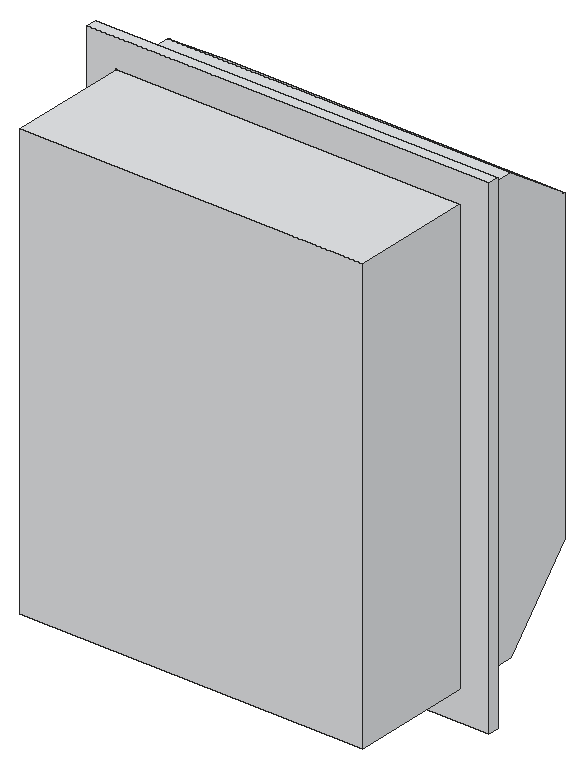
Revit family "DPDR0054_revit", category Generic Models, host Wall, Revit 2017
Family settings
  Host = Wall
  Can host rebar = No
  Round Connector Dimension = Use Diameter
  Part Type = Normal
  Always vertical = Yes
  Cut with Voids When Loaded = No
  Shared = No
  Room Calculation Point = No
Parameters (values of type "Type 1")
  Website = "https://dolphy.in/"  # constant formula
  Contact number = "+91 9520202035"  # constant formula
  Contact email = "info@dolphy.in"  # constant formula
  Company name = "Dolphy India"  # constant formula
Reference planes
  plane 1 "Wall": y = 0
  plane 2 "Center (Left/Right)": x = 125
  plane 3 "Back": y = 75
Forms (mm)
  Extrusion 1, void
    sketch origin (0, 0, 0) x (1, 0, 0) y (0, 0, 1)
      loop
        line (285.5, 202.5) -> (-35.5, 202.5) -> (-35.5, -202.5) -> (285.5, -202.5) -> (285.5, 202.5)
    from -75 to 37.5
Text (mm)
  text "Placement Side" at (-1848.837, 1116.779, 0), in view "Ref. Level"
  text "Placement side" at (0, 1409.804, 2854.306), in view "Left"
  text "Placement side" at (0, 499.811, 2980.732), in view "Right"
Dimensions and locks
  locked: plane 3 "Back" to host wall
  level to Extrusion 1 = 202.5 mm
  aligned and locked: plane 1 "Wall" to host wall
  aligned and locked: nested 1 to plane 2 "Center (Left/Right)"
  aligned and locked: nested 1 to plane 3 "Back"
  aligned and locked: host wall to Extrusion 1
  aligned and locked: Extrusion 1 to nested 1  (x2)
  aligned and locked: nested 1 to Extrusion 1
Nested families
  nested 1: "21 L Stainless Steel Recessed Panel With Waste Bin_IN" at (125, 75, 0) x (-1, 0, 0) z (0, 0, 1), type "21 L Stainless Steel Recessed Panel With Waste Bin_IN"
Definition of nested family "21 L Stainless Steel Recessed Panel With Waste Bin_IN"
  Parameters (values of type "21 L Stainless Steel Recessed Panel With Waste Bin_IN")
    Website = "https://dolphy.in/"  # constant formula
    M&L = none
    Default Elevation = 1219.2 mm
    Contact number = "+91 9520202035"  # constant formula
    Contact email = "info@dolphy.in"  # constant formula
    Company = "Dolphy India"  # constant formula
  Reference planes
    plane 1 "Center (Front/Back)": y = 0
    plane 2: z = 0
    plane 3 "Center (Left/Right)": x = 0
    plane 4: x = 0
  Forms (mm)
    Extrusion 1, solid
      sketch origin (0, 0, 0) x (1, 0, 0) y (0, 0, 1)
        loop
          line (-187.5, 230) -> (-187.5, -230) -> (187.5, -230) -> (187.5, 230) -> (-187.5, 230)
        loop
          line (-160.5, 203) -> (-160.5, -203) -> (160.5, -203) -> (160.5, 203) -> (-160.5, 203)
      from 0 to 10
    Extrusion 2, solid
      sketch origin (0, 112.5, 0) x (0, 0, 1) y (1, 0, 0)
        loop
          line (202.5, 160) -> (-202.5, 160) -> (-202.5, -160) -> (202.5, -160) -> (202.5, 160)
      from 0 to -235
    Extrusion 3, void
      sketch origin (0, 0, 0) x (0, 1, 0) y (0, 0, 1)
        loop
          line (-60, -202.5) -> (-122.5, -130.602) -> (-122.5, 158.737) -> (-60, 202.5) -> (-180, 202.5) -> (-180, -202.5) -> (-60, -202.5)
      from -160.5 to 160.5
    Extrusion 4, void
      sketch origin (0, -60, -202.5) x (0, 0.656059, -0.75471) y (-1, 0, 0)
        loop
          arc (-69.781, 124.622) -> (-73.316, 123.157) -> (-74.781, 119.622) r 5
          line (-74.781, 119.622) -> (-74.781, 0) -> (-74.781, -119.622)
          arc (-74.781, -119.622) -> (-73.316, -123.157) -> (-69.781, -124.622) r 5
          line (-69.781, -124.622) -> (-49.781, -124.622)
          arc (-49.781, -124.622) -> (-46.245, -123.157) -> (-44.781, -119.622) r 5
          line (-44.781, -119.622) -> (-44.781, 0) -> (-44.781, 119.622)
          arc (-44.781, 119.622) -> (-46.245, 123.157) -> (-49.781, 124.622) r 5
          line (-49.781, 124.622) -> (-69.781, 124.622)
        loop
          line (-25.993, 18) -> (-25.993, 0) -> (-25.993, -18)
          arc (-25.993, -18) -> (-25.408, -19.414) -> (-23.993, -20) r 2
          line (-23.993, -20) -> (-12.993, -20)
          arc (-12.993, -20) -> (-11.579, -19.414) -> (-10.993, -18) r 2
          line (-10.993, -18) -> (-10.993, 0) -> (-10.993, 18)
          arc (-10.993, 18) -> (-11.579, 19.414) -> (-12.993, 20) r 2
          line (-12.993, 20) -> (-23.993, 20)
          arc (-23.993, 20) -> (-25.408, 19.414) -> (-25.993, 18) r 2
      from 0 to 15
    Extrusion 5, void
      sketch origin (0, 0, 0) x (0, 1, 0) y (0, 0, 1)
        loop
          line (107.5, 197.5) -> (-58.424, 197.5) -> (-117.5, 156.134) -> (-117.5, -128.733) -> (-57.721, -197.5) -> (107.5, -197.5) -> (107.5, 197.5)
      from -153.091 to 153.286
  Cuts and joins
    Extrusion 3, Extrusion 4, Extrusion 5 cuts Extrusion 2
    Extrusion 5 cuts Extrusion 1
  Dimensions and locks
    Extrusion 2 sketch curve to Extrusion 2 sketch curve = 405 mm
    cut or joined group of Extrusion 2, Extrusion 3, Extrusion 4, Extrusion 5 to cut or joined group of Extrusion 2, Extrusion 3, Extrusion 4, Extrusion 5 = 235 mm
    cut or joined group of Extrusion 2, Extrusion 3, Extrusion 4, Extrusion 5 to cut or joined group of Extrusion 2, Extrusion 3, Extrusion 4, Extrusion 5 = 405 mm
    cut or joined group of Extrusion 1, Extrusion 5 to cut or joined group of Extrusion 1, Extrusion 5 = 10 mm
    cut or joined group of Extrusion 1, Extrusion 5 to cut or joined group of Extrusion 1, Extrusion 5 = 375 mm
    cut or joined group of Extrusion 1, Extrusion 5 to cut or joined group of Extrusion 1, Extrusion 5 = 460 mm
    aligned and locked: level to plane 2
